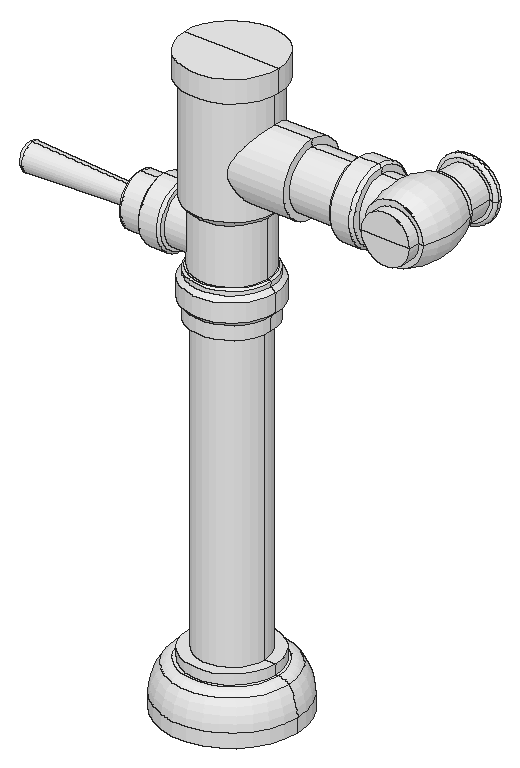
Revit family "Flush_Valve-Toilet-American_Standard-Ultima-6047_Series", category Plumbing Fixtures, Revit 2019
Family settings
  Round Connector Dimension = Use Radius
  Part Type = Normal
  OmniClass Number = 23.65.70.00
  OmniClass Title = Terminals for Supplied Liquids and Gases
  Work Plane-Based = Yes
  Always vertical = No
  Cut with Voids When Loaded = No
  Shared = Yes
  Room Calculation Point = No
Parameters (values of type "6047161.002")
  Width = 5 1/4"  # constant formula
  Waste Connection = no
  Warranty Information = "1 Year Limited Warranty"
  WFU = 5  # constant formula
  Vent Connection = no
  Valve to Wall Distance Constraint = 1 1/2"
  Valve to Wall Distance = if(Valve to Wall Distance Constraint < 1 1/2", 1 1/2", if(Valve to Wall Distance Constraint > 5", 5", Valve to Wall Distance Constraint))  # 1 1/2"
  URL = "http://www.americanstandard-us.com/"
  Type Comments = "Flush Valve for 11-1/2\" Supply C\\L to top of bowl, 1.6 gpf / 6.0 Lpf"
  Revised Date = "03/21/2022"  # constant formula
  Product Page URL = "https://www.americanstandard-us.com/Manual-Flush-Valves-Sanitary-Systems/Ultima-Manual-Toilet-Flush-Valve-Piston-Type-16-gpf-60-Lpf/CHROME-6047161002"
  Product Documentation Link = "https://americanstandard.box.com/shared/static/pgivi216pufsti20l4s3t0vgxcwu23tn.pdf"
  Price = "Prices may vary. Please consult Manufacturer Representative for most up-to-date price list."  # constant formula
  Operating Pressure = "25 psi (flowing)-80 psi (static)"  # constant formula
  Model = "6047161.002"
  Material = "Metal-American Standard-002-Polished Chrome"
  Manufacturer = "American Standard"
  Length = 3"  # constant formula
  Installation Type = "Surface Mounted"
  IAPMO Compliance = "ANSI/ASME A112.19.2,  ASSE 1037"
  Height = 13 1/2"  # constant formula
  HWFU = 0  # constant formula
  HW Connection = no
  Flush Rate = "1.6 gpf / 6.0 Lpf"
  Flow Rates = "25gpm (94.6 L/min.)"  # constant formula
  Finish = Metal-American Standard-002-Polished Chrome
  Description = "Exposed Manual Top Spud Toilet 1.6 gpf Flush Valve for 11-1/2\" Supply C\\L to top of bowl"
  Default Elevation = 0"
  Creation Date = "04/16/2014"  # constant formula
  Cold Water Connection Width Constraint = 4 1/4"
  Cold Water Connection Width = if(Cold Water Connection Width Constraint < 4 1/4", 4 1/4", if(Cold Water Connection Width Constraint > 5 1/4", 5 1/4", Cold Water Connection Width Constraint))  # 4 1/4"
  Cold Water Connection Radius = 1/2"
  Cold Water Connection Height = 11 1/2"
  Cold Water Connection Diameter = Cold Water Connection Radius * 2  # 1"
  CalGreen Compliant = yes
  CWFU = 5  # constant formula
  CW Connection = yes
  Assembly Code = "D2020300"
  ADA Compliant = yes
Types (4): name | Type Comments | Product Page URL | Model | IAPMO Compliance | Flush Rate | Description
  (no name) | "Flush Valve for 11-1/2\" Supply C\\L to top of bowl, 1.6 gpf / 6.0 Lpf" | "https://www.americanstandard-us.com/Manual-Flush-Valves-Sanitary-Systems/Ultima-Manual-Toilet-Flush-Valve-Piston-Type-16-gpf-60-Lpf/CHROME-6047161002" | "6047161.002" | "ANSI/ASME A112.19.2,  ASSE 1037" | "1.6 gpf / 6.0 Lpf" | "Exposed Manual Top Spud Toilet 1.6 gpf Flush Valve for 11-1/2\" Supply C\\L to top of bowl"
  6047161.002 | "Flush Valve for 11-1/2\" Supply C\\L to top of bowl, 1.6 gpf / 6.0 Lpf" | "https://www.americanstandard-us.com/Manual-Flush-Valves-Sanitary-Systems/Ultima-Manual-Toilet-Flush-Valve-Piston-Type-16-gpf-60-Lpf/CHROME-6047161002" | "6047161.002" | "ANSI/ASME A112.19.2,  ASSE 1037" | "1.6 gpf / 6.0 Lpf" | "Exposed Manual Top Spud Toilet 1.6 gpf Flush Valve for 11-1/2\" Supply C\\L to top of bowl"
  6047121.002 | "Flush Valve for 11-1/2\" Supply C\\L to top of bowl, 1.28 gpf / 4.8 Lpf\r\nfor most plumbing fixtures." | "https://www.americanstandard-us.com/Manual-Flush-Valves-Sanitary-Systems/Ultima-Manual-Toilet-Flush-Valve-Piston-Type-128-gpf-48-Lpf/CHROME-6047121002" | "6047121.002" | "ANSI/ASME A112.19.2,  ASSE 1037, Watersense" | "1.28 gpf / 4.8 Lpf" | "Exposed Manual Top Spud Toilet 1.28 gpf Flush Valve for 11-1/2\" Supply C\\L to top of bowl 1.28gpf"
  6047111.002 | "Flush Valve for 11-1/2\" Supply C\\L to top of bowl, 1.1 gpf / 4.2 Lpf" | "https://www.americanstandard-us.com/Manual-Flush-Valves-Sanitary-Systems/Ultima-Manual-Toilet-Flush-Valve-Piston-Type-11-gpf-42-Lpf/CHROME-6047111002" | "6047111.002" | "ANSI/ASME A112.19.2,  ASSE 1037, Watersense" | "1.1 gpf / 4.2 Lpf" | "Ultima™ Manual Toilet Flush Valve, Piston-Type, 1.1 gpf/4.2 Lpf"
Reference planes (in)
  plane 1 "Center (Front/Back)": y = -1.78125
  plane 2: z = 0
  plane 3 "Center (Left/Right)": x = 0
  plane 4 "Valve Height": z = 11.5
  plane 5 "Right": x = 4.25
  plane 6 "Finished Floor": y = -0.28125
  plane 7: x = -0.75
  plane 8: x = 0.75
  plane 9: z = 13.5
  plane 10: z = 9.70145
  plane 11: y = -2.68871
  plane 12: y = -2.43871
  plane 13: y = -1.12377
  plane 14: y = -0.98791
  plane 15: y = -3.28125
Forms (in)
  Revolve 1, solid, material "Metal-American Standard-002-Polished Chrome" <- "Finish"
    sketch origin (0, -1.78125, 0) x (1, 0, 0) y (0, 0, -1)
      loop
        line (0, 0) -> (0, -13.5) -> (1.08292, -13.5) -> (1.08292, -13) -> (0.97283, -13) -> (0.97283, -10.5) -> (0.82145, -10.34862) -> (0.82145, -9.08963) -> (0.85876, -9.08963) -> (0.90102, -9.04737) -> (0.90102, -8.95458) -> (0.99883, -8.85677) -> (0.99883, -8.44579) -> (0.90102, -8.34797) -> (0.90102, -8.04002) -> (0.75, -8.04002) -> (0.75, -1.24313) -> (1, -1.24313) -> (1, -1.02729) -> (1.07406, -1.02729)
        arc (1.07406, -1.02729) -> (1.20004, -0.99743) -> (1.29923, -0.91423) r 0.28075
        arc (1.29923, -0.91423) -> (1.4485, -0.62758) -> (1.5, -0.30853) r 1.01405
        line (1.5, -0.30853) -> (1.5, 0) -> (0, 0)
      axis (0, 0) -> (0, -13.5)
    angle from 0 to 360
  Revolve 2, solid, material "Metal-American Standard-002-Polished Chrome" <- "Finish"
    sketch origin (0.0625, -1.78125, -0.19912) x (1, 0, 0) y (0, 0, -1)
      loop
        line (-0.0625, -9.90057) -> (-4.72348, -9.90057) -> (-4.72348, -10.11955)
        arc (-4.72348, -10.11955) -> (-4.6954, -10.18544) -> (-4.62842, -10.21082) r 0.09135
        line (-4.62842, -10.21082) -> (-2.3371, -10.11781)
        arc (-2.3371, -10.11781) -> (-2.26995, -10.1828) -> (-2.18898, -10.22943) r 0.38013
        line (-2.18898, -10.22943) -> (-2.18898, -10.44559)
        arc (-2.18898, -10.44559) -> (-2.17564, -10.4778) -> (-2.14343, -10.49114) r 0.04555
        line (-2.14343, -10.49114) -> (-1.66905, -10.49114) -> (-1.66905, -10.56986) -> (-1.6157, -10.62321) -> (-1.20908, -10.62321) -> (-1.15574, -10.56986) -> (-1.15574, -10.49114) -> (-0.0625, -10.49114) -> (-0.0625, -9.90057)
      axis (-0.0625, -9.90057) -> (-4.72348, -9.90057)
    angle from 0 to 360
  Revolve 3, solid, material "Metal-American Standard-002-Polished Chrome" <- "Finish"
    sketch origin (0, -1.78125, -0.15234) x (1, 0, 0) y (0, 0, -1)
      loop
        line (0, -11.65271) -> (0, -12.46307) -> (1.83474, -12.46307) -> (1.83474, -12.31047) -> (2.86963, -12.31047) -> (2.86963, -12.43567) -> (2.93984, -12.49671) -> (3.35496, -12.49671) -> (3.42517, -12.43567) -> (3.42517, -12.31047) -> (4.25, -12.31047) -> (4.25, -11.65271) -> (0, -11.65271)
      axis (0, -11.65271) -> (4.25, -11.65271)
    angle from 0 to 360
  Revolve 4, solid, material "Metal-American Standard-002-Polished Chrome" <- "Finish"
    sketch origin (0, 0, 11.5) x (-1, 0, 0) y (0, -1, 0)
      loop
        line (-4.25, 0.28125) -> (-4.25, 2.68871) -> (-4.79927, 2.68871) -> (-4.79927, 2.43871) -> (-4.92427, 2.43871)
        arc (-4.92427, 2.43871) -> (-5.05347, 1.78124) -> (-4.92426, 1.12377) r 1.73737
        line (-4.92426, 1.12377) -> (-4.86177, 1.12377) -> (-4.86177, 0.98791) -> (-4.79927, 0.98791) -> (-4.79927, 0.40625) -> (-4.88555, 0.40625)
        arc (-4.88555, 0.40625) -> (-4.9379, 0.38457) -> (-4.95958, 0.33222) r 0.07403
        line (-4.95958, 0.33222) -> (-4.95958, 0.28125) -> (-4.25, 0.28125)
      axis (-4.25, 0.28125) -> (-4.25, 2.68871)
    angle from 0 to 360
Cuts and joins
  joined: Revolve 1, Revolve 2, Revolve 3
Lines and regions (in)
  Masking region 1
    outline origin (0, 0, 0) x (1, 0, 0) y (0, 1, 0)
      loop
        line (4.95958, -0.28125) -> (3.54042, -0.28125) -> (3.54042, -0.33267)
        arc (3.54042, -0.33267) -> (3.56197, -0.3847) -> (3.614, -0.40625) r 0.07358
        line (3.614, -0.40625) -> (3.70073, -0.40625) -> (3.70073, -0.98791) -> (3.63823, -0.98791) -> (3.63823, -1.12377) -> (3.42517, -1.12377) -> (3.42517, -0.99829) -> (3.35496, -0.93725) -> (2.93984, -0.93725) -> (2.86963, -0.99829) -> (2.86963, -1.12349) -> (1.83474, -1.12349) -> (1.83474, -0.97089) -> (1.26227, -0.97089)
        arc (1.26227, -0.97089) -> (-0.05104, -0.28212) -> (-1.31446, -1.05861) r 1.5
        line (-1.31446, -1.05861) -> (-1.5532, -1.05861) -> (-1.60655, -1.11196) -> (-1.60655, -1.18951) -> (-2.07417, -1.18951)
        arc (-2.07417, -1.18951) -> (-2.11116, -1.20483) -> (-2.12648, -1.24181) r 0.05231
        line (-2.12648, -1.24181) -> (-2.12648, -1.45239)
        arc (-2.12648, -1.45239) -> (-2.20841, -1.49776) -> (-2.2746, -1.56401) r 0.33543
        line (-2.2746, -1.56401) -> (-4.56284, -1.47135)
        arc (-4.56284, -1.47135) -> (-4.63245, -1.49774) -> (-4.66163, -1.56622) r 0.09495
        line (-4.66163, -1.56622) -> (-4.66163, -1.99628)
        arc (-4.66163, -1.99628) -> (-4.63245, -2.06476) -> (-4.56284, -2.09115) r 0.09495
        line (-4.56284, -2.09115) -> (-2.2746, -1.99849)
        arc (-2.2746, -1.99849) -> (-2.20841, -2.06474) -> (-2.12648, -2.11011) r 0.33543
        line (-2.12648, -2.11011) -> (-2.12648, -2.32246)
        arc (-2.12648, -2.32246) -> (-2.11202, -2.35736) -> (-2.07712, -2.37182) r 0.04936
        line (-2.07712, -2.37182) -> (-1.60655, -2.37182) -> (-1.60655, -2.45054) -> (-1.5532, -2.50389) -> (-1.31446, -2.50389)
        arc (-1.31446, -2.50389) -> (-0.05104, -3.28038) -> (1.26227, -2.59161) r 1.5
        line (1.26227, -2.59161) -> (1.83474, -2.59161) -> (1.83474, -2.43905) -> (2.86963, -2.43905) -> (2.86963, -2.56421) -> (2.93984, -2.62525) -> (3.35496, -2.62525) -> (3.42517, -2.56421) -> (3.42517, -2.43871) -> (3.70073, -2.43871) -> (3.70073, -2.68871) -> (4.79927, -2.68871) -> (4.79927, -2.43871) -> (4.92426, -2.43871)
        arc (4.92426, -2.43871) -> (5.05329, -1.78124) -> (4.92426, -1.12377) r 1.73958
        line (4.92426, -1.12377) -> (4.86177, -1.12377) -> (4.86177, -0.98791) -> (4.79927, -0.98791) -> (4.79927, -0.40625) -> (4.886, -0.40625)
        arc (4.886, -0.40625) -> (4.93803, -0.3847) -> (4.95958, -0.33267) r 0.07358
        line (4.95958, -0.33267) -> (4.95958, -0.28125)
  symbolic lines, style "PlumbingFixtures", detail levels medium+fine
    curve 1: circle (0, -1.78125, 0) r 1.08292 normal (0, 0, -1)
    curve 2: line (-1.09324, -1.11196, 0) -> (-1.09324, -1.19606, 0)
    curve 3: line (-0.91119, -1.19606, 0) -> (-1.09324, -1.19606, 0)
    curve 4: line (-1.14658, -1.05861, 0) -> (-1.09324, -1.11196, 0)
    curve 5: line (-0.90763, -2.37195, 0) -> (-1.09324, -2.37195, 0)
    curve 6: line (-1.09324, -2.45054, 0) -> (-1.14658, -2.50389, 0)
    curve 7: line (1.26227, -0.97089, 0) -> (0.71835, -0.97089, 0)
    curve 8: line (1.26227, -2.59161, 0) -> (0.71835, -2.59161, 0)
    curve 14: line (-1.09324, -1.19606, 0) -> (-1.09324, -2.37195, 0)
    curve 15: line (-1.09324, -2.37195, 0) -> (-1.09324, -2.45054, 0)
    curve 17: line (-1.31446, -2.50389, 0) -> (-1.14658, -2.50389, 0)
    curve 18: line (-1.31446, -1.05861, 0) -> (-1.14658, -1.05861, 0)
    curve 19: line (1.83474, -2.43905, 0) -> (1.83474, -1.12345, 0)
  symbolic lines, style "PlumbingFixtures", detail levels fine
    curve 9: arc (-0.54419, -1.78125, 0) -> (0, -1.23706, 0) -> (0.54419, -1.78125, 0) r 0.54419
    curve 10: arc (0.54419, -1.78125, 0) -> (0, -2.32544, 0) -> (-0.54419, -1.78125, 0) r 0.54419
    curve 11: line (3.42517, -2.43871, 0) -> (3.42517, -1.12377, 0)
    curve 12: line (2.86963, -2.43905, 0) -> (2.86963, -1.12345, 0)
    curve 13: line (-1.60655, -2.37299, 0) -> (-1.60655, -1.18951, 0)
    curve 16: line (-2.12648, -2.10221, 0) -> (-2.12648, -1.46029, 0)
  symbolic lines, detail levels medium+fine
    curve 20: line (3.63823, -1.12377, 0) -> (4.86177, -1.12377, 0)
    curve 23: line (3.70073, -2.43871, 0) -> (4.79927, -2.43871, 0)
    curve 26: line (-2.2746, -1.56401, 0) -> (-2.2746, -1.99849, 0)
  symbolic lines, detail levels fine
    curve 21: line (3.70073, -0.98791, 0) -> (4.79927, -0.98791, 0)
    curve 22: line (3.70073, -0.40625, 0) -> (4.79927, -0.40625, 0)
    curve 24: line (2.93984, -0.93725, 0) -> (2.93984, -2.62525, 0)
    curve 25: line (3.35496, -0.93725, 0) -> (3.35496, -2.62525, 0)
Dimensions and locks (in)
  "Cold Water Connection Height": plane 4 "Valve Height" to plane 2
  "Cold Water Connection Width": plane 5 "Right" to plane 3 "Center (Left/Right)"
  Revolve 3 sketch curve to Revolve 3 sketch curve to Revolve 3 sketch curve to Revolve 3 sketch curve to Revolve 3 sketch curve to plane 3 "Center (Left/Right)" = 0.07021" locked, 0.41512" locked, 0.07021" locked, 1.03489" locked, 1.83474" locked
  locked: Revolve 1 sketch curve to level at 13.5
  Revolve 1 sketch curve to Revolve 1 sketch curve to Revolve 1 sketch curve to Revolve 1 sketch curve to level = 0.21585" locked, 0.28075" locked, 0.43801" locked, 0.30853" locked
  "Height": plane 9 to level
  Revolve 2 sketch curve to Revolve 2 sketch curve to Revolve 2 sketch curve to Revolve 2 sketch curve to Revolve 2 sketch curve to Revolve 2 sketch curve to Revolve 2 sketch curve to Revolve 2 sketch curve to Revolve 2 sketch curve to Revolve 2 sketch curve to Revolve 2 sketch curve to Revolve 2 sketch curve to Revolve 2 sketch curve to plane 10 = 0" locked, 0.05334" locked, 0" locked, 0.07872" locked, 0" locked, 0" locked, 0" locked, 0.04555" locked, 0.21616" locked, 0.01861" locked, 0.09127" locked, 0.00174" locked, 0.21724" locked
  locked: plane 9 to plane 10 at 3.79855
  "Valve to Wall Distance": plane 6 "Finished Floor" to plane 1 "Center (Front/Back)"
  Revolve 4 sketch curve to Revolve 4 sketch curve to plane 6 "Finished Floor" = 0.07403" locked, 0.05097" locked
  plane 12 to plane 11 = 1/4"
  plane 6 "Finished Floor" to plane 15 = 3"
  aligned and locked: plane 5 "Right" to Revolve 3 sketch curve
  aligned and locked: Revolve 3 sketch curve to plane 3 "Center (Left/Right)"
  aligned and locked: plane 9 to cut or joined group of Revolve 1, Revolve 2, Revolve 3
  aligned and locked: plane 10 to Revolve 2 sketch curve
  aligned and locked: Revolve 2 sketch curve to plane 3 "Center (Left/Right)"
  aligned and locked: plane 6 "Finished Floor" to Revolve 4 sketch curve
  aligned and locked: plane 13 to Revolve 4 sketch curve
  aligned and locked: plane 12 to Revolve 4 sketch curve
  aligned and locked: plane 11 to Revolve 4 sketch curve
  aligned and locked: plane 1 "Center (Front/Back)" to Revolve 4 sketch curve
  aligned and locked: plane 14 to Revolve 4 sketch curve
  aligned and locked: Revolve 4 sketch curve to plane 5 "Right"
Automatic sketch dimensions
  plane 4 "Valve Height" to Revolve 3 sketch curve = 0.00037"  (x2)
  Revolve 3 sketch curve to Revolve 3 sketch curve = 1/4"
  Revolve 3 sketch curve to Revolve 3 sketch curve = 159/256"
  plane 4 "Valve Height" to Revolve 3 sketch curve = 0.84436"
  Revolve 3 sketch curve to Revolve 3 sketch curve = 0.81036"
  Revolve 3 sketch curve to Revolve 3 sketch curve = 0.06103"  (x2)
  Revolve 3 sketch curve to Revolve 3 sketch curve = 0.65776"
  Revolve 3 sketch curve to Revolve 3 sketch curve = 0.12521"
  Revolve 1 sketch curve to level = 0"  (x2)
  Revolve 1 sketch curve to plane 3 "Center (Left/Right)" = 0"  (x2)
  Revolve 1 sketch curve to plane 8 = 0"
  plane 8 to Revolve 1 sketch curve = 0.07145"
  Revolve 1 sketch curve to Revolve 1 sketch curve = 0.03731"
  Revolve 1 sketch curve to Revolve 1 sketch curve = 0.04226"  (x2)
  plane 8 to Revolve 1 sketch curve = 0.15102"
  Revolve 1 sketch curve to Revolve 1 sketch curve = 0.15138"  (x2)
  Revolve 1 sketch curve to Revolve 1 sketch curve = 0.09781"  (x3)
  plane 8 to Revolve 1 sketch curve = 1/4"
  Revolve 1 sketch curve to Revolve 1 sketch curve = 0.07406"
  Revolve 1 sketch curve to Revolve 1 sketch curve = 0.11009"
  Revolve 1 sketch curve to Revolve 1 sketch curve = 0.22517"
  Revolve 1 sketch curve to Revolve 1 sketch curve = 0"
  Revolve 1 sketch curve to Revolve 1 sketch curve = 0.44147"
  plane 9 to Revolve 1 sketch curve = 1/2"
  Revolve 1 sketch curve to plane 4 "Valve Height" = 1"
  Revolve 1 sketch curve to Revolve 1 sketch curve = 1.25899"
  Revolve 1 sketch curve to Revolve 1 sketch curve = 0.09279"
  Revolve 1 sketch curve to Revolve 1 sketch curve = 0.41098"
  Revolve 1 sketch curve to Revolve 1 sketch curve = 0.30795"
  Revolve 2 sketch curve to plane 10 = 0"
  plane 7 to Revolve 2 sketch curve = 0.34324"
  Revolve 2 sketch curve to Revolve 2 sketch curve = 0.05334"  (x2)
  Revolve 2 sketch curve to Revolve 2 sketch curve = 0.40662"
  Revolve 2 sketch curve to plane 10 = 0.02136"
  Revolve 2 sketch curve to Revolve 2 sketch curve = 0.37214"
  Revolve 2 sketch curve to Revolve 2 sketch curve = 0.47438"
  Revolve 2 sketch curve to Revolve 2 sketch curve = 2.29132"
  Revolve 2 sketch curve to Revolve 2 sketch curve = 0.0037"
  plane 7 to Revolve 2 sketch curve = 0.12057"
  Revolve 2 sketch curve to Revolve 2 sketch curve = 0.45879"
  Revolve 4 sketch curve to plane 11 = 0"
  plane 6 "Finished Floor" to Revolve 4 sketch curve = 0"
  plane 1 "Center (Front/Back)" to Revolve 4 sketch curve = 0"
  plane 5 "Right" to Revolve 4 sketch curve = 0.70958"
  plane 5 "Right" to Revolve 4 sketch curve = 0.67427"
  Revolve 4 sketch curve to Revolve 4 sketch curve = 1/16"  (x2)
  Revolve 4 sketch curve to Revolve 4 sketch curve = 1/8"
  Revolve 4 sketch curve to plane 5 "Right" = 0.9339"
  Revolve 4 sketch curve to Revolve 4 sketch curve = 0"
  curve 1 to curve 9 = 0"  (x2)
  curve 1 to curve 10 = 0"  (x2)
  curve 9 to curve 10 = 0"  (x2)
  plane 1 "Center (Front/Back)" to curve 9 = 0"
  curve 1 to plane 3 "Center (Left/Right)" = 0"
  plane 7 to curve 4 = 0.34324"
  curve 18 to curve 2 = 0.05334"
  plane 1 "Center (Front/Back)" to curve 5 = 0.5907"
  curve 6 to curve 5 = 0.07859"
  curve 2 to plane 1 "Center (Front/Back)" = 0.58519"
  curve 2 to curve 4 = 0.08411"
  curve 2 to curve 18 = 0.05334"
  curve 10 to plane 7 = 0.20581"
  plane 7 to curve 5 = 0.15763"
  curve 6 to curve 6 = 0.05334"  (x2)
  curve 17 to curve 6 = 0"
  curve 17 to curve 6 = 0.16788"
  curve 18 to curve 4 = 0.16788"
  curve 13 to curve 17 = 0.29209"
  curve 16 to curve 13 = 0.51993"
  curve 26 to curve 16 = 0.14813"
  curve 7 to plane 8 = 0.03165"
  curve 8 to plane 8 = 0.03165"
  plane 8 to curve 8 = 0.51227"
  plane 8 to curve 7 = 0.51227"
  curve 7 to curve 19 = 0.57248"
  curve 19 to curve 12 = 1.03489"
  curve 12 to curve 24 = 0.07021"
  curve 24 to curve 25 = 0.41512"
  curve 25 to curve 11 = 0.07021"
  curve 20 to plane 5 "Right" = 0.61177"
  plane 6 "Finished Floor" to curve 22 = 1/8"
  curve 22 to plane 5 "Right" = 0.54927"
  curve 20 to curve 21 = 1/16"
  curve 23 to plane 5 "Right" = 0.54927"
  plane 5 "Right" to curve 21 = 0.54927"
  plane 5 "Right" to curve 23 = 0.54927"
  plane 5 "Right" to curve 22 = 0.54927"
  curve 21 to curve 20 = 1/16"
  plane 1 "Center (Front/Back)" to curve 26 = 0.21724"
  curve 16 to curve 26 = 0.10372"
  curve 13 to curve 5 = 0.00104"
  plane 1 "Center (Front/Back)" to curve 23 = 0.65746"
  plane 1 "Center (Front/Back)" to curve 11 = 0.65746"
  curve 8 to curve 19 = 0.15256"
  curve 12 to curve 11 = 0.00034"
  curve 24 to curve 12 = 0.1862"
  curve 25 to curve 11 = 0.18653"
  curve 26 to plane 1 "Center (Front/Back)" = 0.21724"
  curve 26 to curve 16 = 0.10372"
  curve 13 to curve 18 = 0.13089"
  curve 20 to plane 1 "Center (Front/Back)" = 0.65748"
  curve 11 to plane 1 "Center (Front/Back)" = 0.65748"
  curve 11 to curve 12 = 0.00032"
  curve 19 to curve 7 = 0.15256"
  curve 20 to curve 21 = 0.13586"
  curve 11 to curve 25 = 0.18652"
  curve 12 to curve 24 = 0.1862"
  Masking region 1 sketch curve to Masking region 1 sketch curve = 0"  (x4)
  plane 1 "Center (Front/Back)" to Masking region 1 sketch curve = 0"
  Masking region 1 sketch curve to plane 3 "Center (Left/Right)" = 0"
  plane 6 "Finished Floor" to Masking region 1 sketch curve = 0"
  plane 7 to Masking region 1 sketch curve = 0.56446"  (x2)
  Masking region 1 sketch curve to Masking region 1 sketch curve = 0.23874"  (x2)
  Masking region 1 sketch curve to Masking region 1 sketch curve = 0.05334"  (x4)
  Masking region 1 sketch curve to plane 1 "Center (Front/Back)" = 1/64"
  Masking region 1 sketch curve to Masking region 1 sketch curve = 0.39999"
  Masking region 1 sketch curve to Masking region 1 sketch curve = 0.52097"
  Masking region 1 sketch curve to Masking region 1 sketch curve = 0.47057"
  Masking region 1 sketch curve to Masking region 1 sketch curve = 0.04936"
  Masking region 1 sketch curve to Masking region 1 sketch curve = 0.05231"
  Masking region 1 sketch curve to plane 1 "Center (Front/Back)" = 0.21724"
  Masking region 1 sketch curve to Masking region 1 sketch curve = 0.14813"  (x2)
  plane 1 "Center (Front/Back)" to Masking region 1 sketch curve = 0.21724"
  Masking region 1 sketch curve to plane 1 "Center (Front/Back)" = 0.3099"
  Masking region 1 sketch curve to Masking region 1 sketch curve = 2.28824"
  plane 1 "Center (Front/Back)" to Masking region 1 sketch curve = 0.3099"
  Masking region 1 sketch curve to Masking region 1 sketch curve = 0.00384"  (x2)
  Masking region 1 sketch curve to Masking region 1 sketch curve = 0.09495"
  plane 8 to Masking region 1 sketch curve = 0.51227"  (x2)
  Masking region 1 sketch curve to Masking region 1 sketch curve = 0.57248"  (x2)
  Masking region 1 sketch curve to Masking region 1 sketch curve = 1.03489"  (x2)
  Masking region 1 sketch curve to Masking region 1 sketch curve = 0.07021"  (x4)
  Masking region 1 sketch curve to plane 1 "Center (Front/Back)" = 0.844"
  Masking region 1 sketch curve to Masking region 1 sketch curve = 0.41512"  (x2)
  Masking region 1 sketch curve to plane 1 "Center (Front/Back)" = 0"
  Masking region 1 sketch curve to plane 5 "Right" = 0.93628"
  Masking region 1 sketch curve to plane 5 "Right" = 0.70958"
  Masking region 1 sketch curve to Masking region 1 sketch curve = 0.07358"
  Masking region 1 sketch curve to plane 5 "Right" = 0.61177"
  Masking region 1 sketch curve to Masking region 1 sketch curve = 0.08674"  (x2)
  Masking region 1 sketch curve to plane 5 "Right" = 0.54927"
  plane 6 "Finished Floor" to Masking region 1 sketch curve = 1/8"  (x2)
  plane 5 "Right" to Masking region 1 sketch curve = 0.54927"  (x2)
  Masking region 1 sketch curve to Masking region 1 sketch curve = 1/16"  (x2)
  plane 6 "Finished Floor" to Masking region 1 sketch curve = 0.05142"
  Masking region 1 sketch curve to Masking region 1 sketch curve = 1/8"
  Masking region 1 sketch curve to Masking region 1 sketch curve = 0.11162"
  Masking region 1 sketch curve to Masking region 1 sketch curve = 0.21235"
  plane 1 "Center (Front/Back)" to Masking region 1 sketch curve = 0.65746"  (x2)
  plane 1 "Center (Front/Back)" to Masking region 1 sketch curve = 0.6578"
  Masking region 1 sketch curve to Masking region 1 sketch curve = 0.07872"
  Masking region 1 sketch curve to Masking region 1 sketch curve = 0.1255"
  Masking region 1 sketch curve to Masking region 1 sketch curve = 0.12516"
  Masking region 1 sketch curve to Masking region 1 sketch curve = 0.06103"  (x3)
  Masking region 1 sketch curve to Masking region 1 sketch curve = 1/4"
  Masking region 1 sketch curve to Masking region 1 sketch curve = 0.21057"
  Masking region 1 sketch curve to Masking region 1 sketch curve = 0.18652"
  Masking region 1 sketch curve to plane 1 "Center (Front/Back)" = 0.65776"
  Masking region 1 sketch curve to Masking region 1 sketch curve = 0.13089"
  Masking region 1 sketch curve to Masking region 1 sketch curve = 0.13586"  (x2)
Connectors (in)
  piping at (4.25, -0.28125, 11.5), diameter 1, driven by "Cold Water Connection Radius", driven by "CWFU"
    settings: on Revolve 4, index 1, connector inside diameter 24", connector length 0", flow factor 0, pipe flow 0 GPM, pressure drop 0.00 psi, fitting loss kfactor 0, connector angle 0.00°, fixture units 5, engagement length 0", angle of deflection 0.00°, flow configuration 3, flow direction 1, fitting loss method 0, system type 20, joint type 0, gender type 0, connector reference index -1, connector utility 0, adjustable connector no, is connector primary yes, connector description "1\" IPS Cold Water Inlet"
